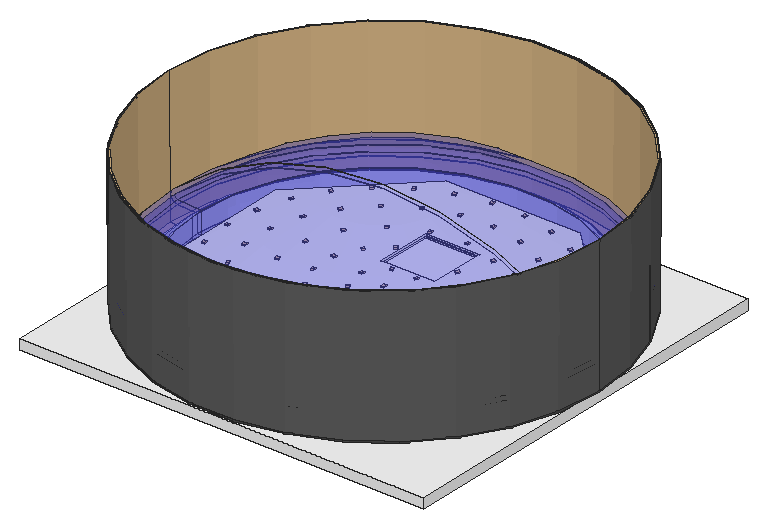
Revit family "BE_51014.4_de_DE", category Leuchten, Revit 2020
Family settings
  Basisbauteil = Fläche
  Bemaßung runder Anschluss = Durchmesser verwenden
  Teiletyp = Normal
  Beim Laden mit Abzugskörper schneiden = Ja
  Lichtquelle = Ja
  Gemeinsam genutzt = Nein
  Raumberechnungspunkt = Ja
Parameters (values of type "BEGA_51014.4_K3")
  built-in parameter 1150104 = 14.034 (stored number, unit not read)
  Wattage = 42.6 W
  Default Elevation = 0 mm
  built-in parameter 1150113 = 1 (stored number, unit not read)
  built-in parameter 1114218 = 1 (stored number, unit not read)
  Umgebungstemperatur = "25 °C"
  URL = "https://www.bega.com/de/produkt/51014.4"
  Typenkommentare = "© 2022 BEGA. Wir behalten uns das Recht vor, technische Änderungen ohne vorherige Ankündigung vorzunehmen."  # constant formula
  built-in parameter 1150134 = (empty or 0)
  built-in parameter 1150109 = 1 (stored number, unit not read)
  Strom = ""
  built-in parameter 1150110 = 1 (stored number, unit not read)
  Spannung = 239.996 V
  Sonderanfertigung = no
  Seriennummer [instance] = "Hier können Sie die eindeutige Seriennummer für das Facility Management eintragen."
  Schutzklasse = "I"
  Schutzart = "IP 20"
  Scheinlast = 0 VA
  Produktdatenblatt = "https://cdn.bega.com/bega/products/51014.4K3/current/documents/data-sheets/de"
  Oberflächentemperatur = ""
  Neigungswinkel = 0.00°
  Modell = "51014.4K3"
  Material_35 = BEGA_Oberfläche_Samtschwarz_matt
  Material_34 = BEGA_Oberfläche_Samtweiss_matt
  Material_31 = BEGA_Oberfläche_Messing_matt
  Material_15 = BEGA_Leuchtmedium_matt
  Material_14 = BEGA_Kunststoff_opal
  Material_03 = BEGA_Oberfläche_Weiss_matt
  M_W = no
  M_G = no
  M_A = no
  Logo = 0
  built-in parameter 1114217 = 1 (stored number, unit not read)
  built-in parameter 1150139 = (empty or 0)
  built-in parameter 1150105 = 512.09 (stored number, unit not read)
  built-in parameter 1150114 = 1 (stored number, unit not read)
  Lumens = 6435.16 lm
  built-in parameter 1150115 = 1 (stored number, unit not read)
  Leuchtenlichtstrom = "3494 lm"
  Leuchtenanzahl = ""
  Lebensdauerkriterien = "L70B50 @ 25 °C = 200000 h"
  Lastklassifizierung = Beleuchtung
  built-in parameter 1150112 = 1 (stored number, unit not read)
  Lampenlichtstrom = "6435 lm"
  Lampe = "LED 42.6 W"
  LED_Modulbezeichnung = "LED-0630/930"
  Hersteller = "BEGA"  # constant formula
  Halbstreuwinkel = ""
  Gewicht = "2.95 kg"
  Gebrauchslageneinschränkung [instance] = ""
  Frequenz = "0/50-60 Hz"
  Farbwiedergabeindex = "CRI > 90"
  Farbtemperaturverschiebung bei Dämpfen der Lampe = <Keine Auswahl>
  Farbtemperatur = "3000 K"
  Color Filter = 16777215
  built-in parameter 1150133 = 10 (stored number, unit not read)
  Energieeffizienzklasse = "LED A++ - A"
  built-in parameter 1150137 = (empty or 0)
  built-in parameter 1150132 = (empty or 0)
  ENEC = "ja"
  Dimmbar [instance] = "DALI"
  Datei für fotometrisches Netz = "BE_51014.4K3.IES"
  CE_Konformität = "ja"
  Bestellnummer = "51014.4K3"
  Beschreibung_Sonderanfertigung = "Hier können Sie Informationen zur Sonderanfertigung eintragen."
  Beschreibung = "Deckenleuchte"
  built-in parameter 1150106 = 5.1209 (stored number, unit not read)
  Befestigungsbohrung = "Ø 6 mm"
  Befestigungsabstand = "340 mm"
  Ballwurfsicher = ""
  BEGA_Intern_aus = yes
  BEGA_Intern_an = yes
  BEGA_Intern_Konstruktion = yes
  BEGA_Intern = yes
  BEGA_IES = yes
  BEGA_Dummy = no
  Anschlussleitung = ""
  Anschlussleistung [instance] = "47.4 W"
  Anschlusskasten = ""
  built-in parameter 1150107 = 3000 (stored number, unit not read)
  built-in parameter 1150102 = (empty or 0)
  built-in parameter 1150138 = (empty or 0)
  Aktualisierung = "2022-12-14T04:00:03"
  Abstand_zur_angestrahlten_Fläche [instance] = ""
  AC/DC = "AC/DC"
Reference planes
  plane 1 "Mitte (Vorne/Hinten)": y = 0
  plane 2: z = 0
  plane 3 "Mitte (Links/Rechts)": x = 0
  plane 4 "Links": x = -213.964
  plane 5 "Rechts": x = 213.964
  plane 6 "Unten": y = -213.964
  plane 7 "Oben": y = 213.964
  plane 8 "Vorne": z = 144.998
  plane 9 "Hinten": z = 0
Forms (mm)
  Extrusion 1, solid, material "BEGA_Platte_Weiss"
    sketch origin (0, -1119.2, 0) x (1, 0, 0) y (0, 1, 0)
      loop
        line (-200, 1319.2) -> (-200, 919.2) -> (200, 919.2) -> (200, 1319.2) -> (-200, 1319.2)
    from 0 to -10
  Extrusion 2, solid, material "BEGA_Dummy_matt", visible <- "BEGA_Dummy"
    sketch origin (77.149, -76.023, 0) x (1, 0, 0) y (0, 1, 0)
      loop
        circle (-77.149, 76.023) r 213.964
    from 0 to 144.998
Dimensions and locks
  plane 1 "Mitte (Vorne/Hinten)" to Extrusion 1 = 200 mm
  aligned and locked: plane 2 to Extrusion 1
  aligned and locked: level to Extrusion 1
Nested families
  nested 1: "BE_51014_Leuchte" at (0, 0, 0), type "BE_51014_Leuchte"
Connectors
  electrical at (0, 0, 0), driven by "Lastklassifizierung", driven by "Spannung", driven by "Scheinlast"
    settings: index 1, voltage 239.996 V, apparent load 0 VA, apparent load phase1 0 VA, apparent load phase2 0 VA, apparent load phase3 0 VA, power factor 1, load classification "Beleuchtung", number of poles 1, system type 31, power factor state 1, is connector primary yes, connector utility no, sub classification motor no, connector description ""
Definition of nested family "BE_51014_Leuchte"
  Parameters (values of type "BE_51014_Leuchte")
    Default Elevation = 1 mm
    URL = "http://www.bega.de/de/produkt"
    Type Comments = "© 2015 BEGA. Wir behalten uns das Recht vor, technische Änderungen ohne vorherige Ankündigung vorzunehmen. "  # constant formula
    Type Image = (empty or 0)
    Neigungswinkel_um_Z2 = 0.00°
    Neigungswinkel_um_Z1 = 0.00°
    Neigungswinkel_um_Y2 = 0.00°
    Neigungswinkel_um_Y1 = 0.00°
    Neigungswinkel_um_X2 = 0.00°
    Neigungswinkel_um_X1 = 0.00°
    Material_35 = none
    Material_34 = none
    Material_31 = none
    Material_15 = none
    Material_14 = none
    Material_03 = none
    M_W = yes
    M_G = yes
    M_A = yes
    Länge_Platte = 200 mm  # constant formula
    Höhe_Platte = -10 mm  # constant formula
    Manufacturer = "BEGA"  # constant formula
    Drehwinkel_um_Z2 = 0.00°
    Drehwinkel_um_Z1 = 0.00°
    Breite_Platte = 200 mm  # constant formula
  Reference planes
    plane 1 "Mitte (Oben/Unten)": y = 0
    plane 2: z = 0
    plane 3 "Mitte (Links/Rechts)": x = 0
    plane 4: x = 213.964
    plane 5: y = -213.964
    plane 6: x = -213.964
    plane 7: y = 213.964
    plane 8: z = 144.998
  Forms (mm)
    Extrusion 1, solid, detail levels medium
      sketch origin (0, 0, 0) x (1, 0, 0) y (0, 1, 0)
        loop
          line (-100, 100) -> (-100, -100) -> (100, -100) -> (100, 100) -> (-100, 100)
      from 0 to -10 <- "Höhe_Platte"
    Revolve 2, solid, material <- "Material_14"
      sketch origin (0, 0, 0) x (1, 0, 0) y (0, 0, 1)
        loop
          arc (0, 119) -> (-110.735, 99.23) -> (-207.786, 42.362) r 319.999
          arc (-207.786, 42.362) -> (-209.896, 34.783) -> (-203.629, 30.029) r 7
          line (-203.629, 30.029) -> (-184, 29) -> (-184, 10.5) -> (-180.1, 10.5) -> (-180.1, 32.801) -> (-203.42, 34.023)
          arc (-203.42, 34.023) -> (-206.095, 36.03) -> (-205.252, 39.266) r 3
          arc (-205.252, 39.266) -> (-109.389, 95.462) -> (0, 115) r 315.999
          line (0, 115) -> (0, 119)
        axis (0, 119) -> (0, 10.5)
      angle from 0 to 360
    Revolve 3, solid, material <- "Material_35"
      sketch origin (0, 0, 0) x (1, 0, 0) y (0, 0, 1)
        loop
          line (-213.111, 144.995) -> (-213.964, 144.995) -> (-213.498, 11.496)
          arc (-213.498, 11.496) -> (-212.909, 10.082) -> (-211.492, 9.5) r 1.998
          line (-211.492, 9.5) -> (-193.114, 9.5) -> (-193, 2.956)
          arc (-193, 2.956) -> (-192.1, 0.863) -> (-189.991, 0) r 3.009
          line (-189.991, 0) -> (-181, 0) -> (-181, 2.5) -> (-190.991, 2.5) -> (-191.133, 10.623) -> (-212.642, 10.623) -> (-213.111, 144.995)
        axis (0, 144.995) -> (0, 0)
      angle from 0 to 360
    Revolve 4, solid, material <- "Material_34"
      sketch origin (0, 0, 0) x (1, 0, 0) y (0, 0, 1)
        loop
          line (-190.633, 2.5) -> (0, 2.5) -> (0, 3.5) -> (-189.65, 3.5) -> (-190.038, 25.714) -> (-191.038, 25.714) -> (-190.633, 2.5)
        axis (0, 25.714) -> (0, 2.5)
      angle from 0 to 360
    Revolve 5, solid, material <- "Material_31"
      sketch origin (0, 0, 0) x (1, 0, 0) y (0, 0, 1)
        loop
          line (-213.158, 144.998) -> (-212.689, 10.647) -> (-191.228, 10.647) -> (-191.228, 11.496) -> (-211.887, 11.496) -> (-212.353, 144.998) -> (-213.158, 144.998)
        axis (0, 144.998) -> (0, 10.647)
      angle from 0 to 360
    Extrusion 6, solid, material <- "Material_34"
      sketch origin (0, 0, 0) x (1, 0, 0) y (0, 1, 0)
        loop
          circle (0, 170) r 8.061
        loop
          circle (0, -170) r 8.061
      from 0.3 to 2.5
    Extrusion 7, void
      sketch origin (0, 0, 0) x (1, 0, 0) y (0, 1, 0)
        loop
          circle (0, 170) r 3
        loop
          circle (0, -170) r 3
      from 0.3 to 3.5
    Extrusion 8, solid, material <- "Material_34"
      sketch origin (0, 0, 0) x (1, 0, 0) y (0, 1, 0)
        loop
          line (121.002, 25) -> (121.002, -25)
          arc (121.002, -25) -> (147.608, -53.899) -> (178.604, -29.767) r 28.998
          arc (178.604, -29.767) -> (181.067, 0) -> (178.604, 29.767) r 181.067
          arc (178.604, 29.767) -> (147.608, 53.899) -> (121.002, 25) r 28.998
      from 0 to 8.71
    Extrusion 9, void
      sketch origin (0, 0, 0) x (1, 0, 0) y (0, 1, 0)
        loop
          circle (163, 18) r 6
        loop
          circle (163, -18) r 6
      from 0 to 8.71
    Extrusion 10, solid, material <- "Material_03"
      sketch origin (0, 0, 0) x (1, 0, 0) y (0, 1, 0)
        loop
          line (-160, 66.274) -> (-160, -66.274) -> (-66.274, -160) -> (66.274, -160) -> (160, -66.274) -> (160, 66.274) -> (66.274, 160) -> (-66.274, 160) -> (-160, 66.274)
        loop
          line (26.5, 85) -> (-26.5, 85) -> (-26.5, 30) -> (26.5, 30) -> (26.5, 85)
        loop
          line (-26.5, -30) -> (-26.5, -85) -> (26.5, -85) -> (26.5, -30) -> (-26.5, -30)
      from 25.504 to 27.518
    Extrusion 11, solid, material <- "Material_03"
      sketch origin (0, -66, 82.888) x (0, 1, 0) y (0, 0, 1)
        loop
          line (226, -57.174) -> (224.515, -57.174) -> (224.515, -79.388) -> (226, -79.388) -> (226, -57.174)
        loop
          line (-90.828, -57.384) -> (-94, -57.384) -> (-94.001, -79.388) -> (-90.828, -79.388) -> (-90.828, -57.384)
      from -66.274 to 66.274
    Extrusion 12, solid, material <- "Material_03"
      sketch origin (0, 0, 0) x (1, 0, 0) y (0, 1, 0)
        loop
          line (-66.274, 160) -> (-160, 66.274) -> (-160, -66.274) -> (-66.274, -160) -> (66.274, -160) -> (160, -66.274) -> (160, 66.274) -> (66.274, 160) -> (-66.274, 160)
        loop
          line (-26.5, 85) -> (-26.5, 30) -> (26.5, 30) -> (26.5, 85) -> (-26.5, 85)
        loop
          line (-26.5, -30) -> (-26.5, -85) -> (26.5, -85) -> (26.5, -30) -> (-26.5, -30)
      from 27.518 to 29.07
    Extrusion 13, solid, material <- "Material_15"
      sketch origin (0, 0, 0) x (1, 0, 0) y (0, 1, 0)
        loop
          line (-49.788, 148.377) -> (-48.861, 145.524) -> (-46.008, 146.451) -> (-46.935, 149.304) -> (-49.788, 148.377)
        loop
          line (-17.85, 155.486) -> (-17.537, 152.502) -> (-14.553, 152.816) -> (-14.867, 155.799) -> (-17.85, 155.486)
        loop
          line (-25.365, 124.961) -> (-24.802, 122.014) -> (-21.856, 122.576) -> (-22.418, 125.523) -> (-25.365, 124.961)
        loop
          line (-55.644, 114.727) -> (-54.367, 112.012) -> (-51.652, 113.29) -> (-52.93, 116.004) -> (-55.644, 114.727)
        loop
          line (9.314, 124.16) -> (9.503, 127.154) -> (6.509, 127.343) -> (6.32, 124.349) -> (9.314, 124.16)
        loop
          line (-75.451, 133.685) -> (-76.951, 136.283) -> (-79.549, 134.783) -> (-78.049, 132.185) -> (-75.451, 133.685)
        loop
          line (-103.604, 117.306) -> (-105.834, 115.298) -> (-103.826, 113.069) -> (-101.597, 115.076) -> (-103.604, 117.306)
        loop
          line (-82.427, 97.284) -> (-80.515, 94.973) -> (-78.204, 96.885) -> (-80.116, 99.197) -> (-82.427, 97.284)
        loop
          line (-53.944, 73.923) -> (-55.752, 76.317) -> (-58.146, 74.509) -> (-56.338, 72.115) -> (-53.944, 73.923)
        loop
          line (-81.135, 48.473) -> (-78.585, 46.893) -> (-77.005, 49.444) -> (-79.556, 51.023) -> (-81.135, 48.473)
        loop
          line (-116.309, 44.437) -> (-115.205, 47.226) -> (-117.994, 48.331) -> (-119.099, 45.541) -> (-116.309, 44.437)
        loop
          line (-99.841, 74.393) -> (-102.268, 76.156) -> (-104.031, 73.729) -> (-101.604, 71.966) -> (-99.841, 74.393)
        loop
          line (-123.302, 91.439) -> (-125.729, 93.202) -> (-127.493, 90.775) -> (-125.066, 89.012) -> (-123.302, 91.439)
        loop
          line (-142.36, 65.025) -> (-143.58, 62.284) -> (-140.839, 61.064) -> (-139.619, 63.804) -> (-142.36, 65.025)
        loop
          line (-150.458, 30.447) -> (-149.834, 33.382) -> (-152.768, 34.005) -> (-153.392, 31.071) -> (-150.458, 30.447)
        loop
          line (-90.218, 15.339) -> (-89.666, 18.288) -> (-92.615, 18.839) -> (-93.167, 15.89) -> (-90.218, 15.339)
        loop
          line (-123.706, 14.116) -> (-123.33, 17.092) -> (-126.307, 17.468) -> (-126.683, 14.492) -> (-123.706, 14.116)
        loop
          line (-156.5, 1.5) -> (-156.5, -1.5) -> (-153.5, -1.5) -> (-153.5, 1.5) -> (-156.5, 1.5)
        loop
          line (-123.33, -17.092) -> (-123.706, -14.116) -> (-126.683, -14.492) -> (-126.307, -17.468) -> (-123.33, -17.092)
        loop
          line (-149.834, -33.382) -> (-150.458, -30.447) -> (-153.392, -31.071) -> (-152.768, -34.005) -> (-149.834, -33.382)
        loop
          line (-93.167, -15.89) -> (-92.615, -18.839) -> (-89.666, -18.288) -> (-90.218, -15.339) -> (-93.167, -15.89)
        loop
          line (-119.099, -45.541) -> (-117.994, -48.331) -> (-115.205, -47.226) -> (-116.309, -44.437) -> (-119.099, -45.541)
        loop
          line (-77.005, -49.444) -> (-78.585, -46.893) -> (-81.135, -48.473) -> (-79.556, -51.023) -> (-77.005, -49.444)
        loop
          line (-104.031, -73.729) -> (-102.268, -76.156) -> (-99.841, -74.393) -> (-101.604, -71.966) -> (-104.031, -73.729)
        loop
          line (-123.302, -91.439) -> (-125.066, -89.012) -> (-127.493, -90.775) -> (-125.729, -93.202) -> (-123.302, -91.439)
        loop
          line (-80.116, -99.197) -> (-78.204, -96.885) -> (-80.515, -94.973) -> (-82.427, -97.284) -> (-80.116, -99.197)
        loop
          line (-105.834, -115.298) -> (-103.604, -117.306) -> (-101.597, -115.076) -> (-103.826, -113.069) -> (-105.834, -115.298)
        loop
          line (-52.93, -116.004) -> (-51.652, -113.29) -> (-54.367, -112.012) -> (-55.644, -114.727) -> (-52.93, -116.004)
        loop
          line (-24.802, -122.014) -> (-25.365, -124.961) -> (-22.418, -125.523) -> (-21.856, -122.576) -> (-24.802, -122.014)
        loop
          line (-24.418, -91.303) -> (-23.597, -88.418) -> (-26.483, -87.597) -> (-27.304, -90.482) -> (-24.418, -91.303)
        loop
          line (6.949, -91.248) -> (7.226, -94.235) -> (10.213, -93.958) -> (9.936, -90.971) -> (6.949, -91.248)
        loop
          line (-76.951, -136.283) -> (-75.451, -133.685) -> (-78.049, -132.185) -> (-79.549, -134.783) -> (-76.951, -136.283)
        loop
          line (-49.788, -148.377) -> (-46.935, -149.304) -> (-46.008, -146.451) -> (-48.861, -145.524) -> (-49.788, -148.377)
        loop
          line (-14.867, -155.799) -> (-14.553, -152.816) -> (-17.537, -152.502) -> (-17.85, -155.486) -> (-14.867, -155.799)
        loop
          line (14.553, -152.816) -> (14.867, -155.799) -> (17.85, -155.486) -> (17.537, -152.502) -> (14.553, -152.816)
        loop
          line (46.008, -146.451) -> (46.935, -149.304) -> (49.788, -148.377) -> (48.861, -145.524) -> (46.008, -146.451)
        loop
          line (76.951, -136.283) -> (79.549, -134.783) -> (78.049, -132.185) -> (75.451, -133.685) -> (76.951, -136.283)
        loop
          line (69.584, -106.848) -> (67.977, -104.315) -> (65.444, -105.923) -> (67.051, -108.456) -> (69.584, -106.848)
        loop
          line (101.597, -115.076) -> (103.604, -117.306) -> (105.834, -115.298) -> (103.826, -113.069) -> (101.597, -115.076)
        loop
          line (89.73, -86.32) -> (91.917, -88.373) -> (93.97, -86.186) -> (91.783, -84.133) -> (89.73, -86.32)
        loop
          line (123.302, -91.439) -> (125.729, -93.202) -> (127.493, -90.775) -> (125.066, -89.012) -> (123.302, -91.439)
        loop
          line (43.465, -83.924) -> (42.128, -81.239) -> (39.442, -82.576) -> (40.78, -85.262) -> (43.465, -83.924)
        loop
          line (31.049, -50.779) -> (28.451, -52.279) -> (29.951, -54.877) -> (32.549, -53.377) -> (31.049, -50.779)
        loop
          line (66.609, -62.752) -> (68.826, -64.773) -> (70.847, -62.556) -> (68.63, -60.535) -> (66.609, -62.752)
        loop
          line (49.682, -37.95) -> (51.445, -35.523) -> (49.018, -33.76) -> (47.255, -36.187) -> (49.682, -37.95)
        loop
          line (85.863, -31.655) -> (84.779, -34.452) -> (87.577, -35.536) -> (88.66, -32.739) -> (85.863, -31.655)
        loop
          line (6.32, -124.349) -> (6.509, -127.343) -> (9.503, -127.154) -> (9.314, -124.16) -> (6.32, -124.349)
        loop
          line (37.046, -118.87) -> (37.973, -121.723) -> (40.826, -120.796) -> (39.899, -117.943) -> (37.046, -118.87)
        loop
          line (-58.146, -74.509) -> (-55.752, -76.317) -> (-53.944, -73.923) -> (-56.338, -72.115) -> (-58.146, -74.509)
        loop
          line (-31.049, -50.779) -> (-32.549, -53.377) -> (-29.951, -54.877) -> (-28.451, -52.279) -> (-31.049, -50.779)
        loop
          line (-1.5, -26) -> (-1.5, -29) -> (1.5, -29) -> (1.5, -26) -> (-1.5, -26)
        loop
          line (-47.255, -36.187) -> (-49.018, -33.76) -> (-51.445, -35.523) -> (-49.682, -37.95) -> (-47.255, -36.187)
        loop
          line (-57.888, -13.838) -> (-58.512, -10.904) -> (-61.446, -11.527) -> (-60.822, -14.462) -> (-57.888, -13.838)
        loop
          line (-23.608, -16.908) -> (-21.738, -19.254) -> (-19.392, -17.383) -> (-21.263, -15.038) -> (-23.608, -16.908)
        loop
          line (-28.607, 4.991) -> (-25.682, 4.323) -> (-25.014, 7.248) -> (-27.939, 7.915) -> (-28.607, 4.991)
        loop
          line (-1.5, 1.5) -> (-1.5, -1.5) -> (1.5, -1.5) -> (1.5, 1.5) -> (-1.5, 1.5)
        loop
          line (19.392, -17.383) -> (21.738, -19.254) -> (23.608, -16.908) -> (21.263, -15.038) -> (19.392, -17.383)
        loop
          line (25.014, 7.248) -> (25.682, 4.323) -> (28.607, 4.991) -> (27.939, 7.915) -> (25.014, 7.248)
        loop
          line (61.446, -11.527) -> (58.512, -10.904) -> (57.888, -13.838) -> (60.822, -14.462) -> (61.446, -11.527)
        loop
          line (58.512, 10.904) -> (61.446, 11.527) -> (60.822, 14.462) -> (57.888, 13.838) -> (58.512, 10.904)
        loop
          line (49.018, 33.76) -> (51.445, 35.523) -> (49.682, 37.95) -> (47.255, 36.187) -> (49.018, 33.76)
        loop
          line (84.779, 34.452) -> (85.863, 31.655) -> (88.66, 32.739) -> (87.577, 35.536) -> (84.779, 34.452)
        loop
          line (120.216, 32.415) -> (120.962, 29.509) -> (123.867, 30.255) -> (123.121, 33.161) -> (120.216, 32.415)
        loop
          line (149.834, 33.382) -> (150.458, 30.447) -> (153.392, 31.071) -> (152.768, 34.005) -> (149.834, 33.382)
        loop
          line (143.58, 62.284) -> (142.36, 65.025) -> (139.619, 63.804) -> (140.839, 61.064) -> (143.58, 62.284)
        loop
          line (108.378, 61.293) -> (109.823, 58.664) -> (112.452, 60.109) -> (111.006, 62.738) -> (108.378, 61.293)
        loop
          line (123.302, 91.439) -> (125.066, 89.012) -> (127.493, 90.775) -> (125.729, 93.202) -> (123.302, 91.439)
        loop
          line (89.73, 86.32) -> (91.783, 84.133) -> (93.97, 86.186) -> (91.917, 88.373) -> (89.73, 86.32)
        loop
          line (70.847, 62.556) -> (68.826, 64.773) -> (66.609, 62.752) -> (68.63, 60.535) -> (70.847, 62.556)
        loop
          line (32.549, 53.377) -> (29.951, 54.877) -> (28.451, 52.279) -> (31.049, 50.779) -> (32.549, 53.377)
        loop
          line (40.78, 85.262) -> (39.442, 82.576) -> (42.128, 81.239) -> (43.465, 83.924) -> (40.78, 85.262)
        loop
          line (7.226, 94.235) -> (6.949, 91.248) -> (9.936, 90.971) -> (10.213, 93.958) -> (7.226, 94.235)
        loop
          line (-27.304, 90.482) -> (-26.483, 87.597) -> (-23.597, 88.418) -> (-24.418, 91.303) -> (-27.304, 90.482)
        loop
          line (-47.255, 36.187) -> (-49.682, 37.95) -> (-51.445, 35.523) -> (-49.018, 33.76) -> (-47.255, 36.187)
        loop
          line (-28.451, 52.279) -> (-29.951, 54.877) -> (-32.549, 53.377) -> (-31.049, 50.779) -> (-28.451, 52.279)
        loop
          line (-61.446, 11.527) -> (-58.512, 10.904) -> (-57.888, 13.838) -> (-60.822, 14.462) -> (-61.446, 11.527)
        loop
          line (-9.93, 24.076) -> (-11.231, 26.779) -> (-13.934, 25.477) -> (-12.632, 22.774) -> (-9.93, 24.076)
        loop
          line (12.632, 22.774) -> (13.934, 25.477) -> (11.231, 26.779) -> (9.93, 24.076) -> (12.632, 22.774)
        loop
          line (152.768, -34.005) -> (153.392, -31.071) -> (150.458, -30.447) -> (149.834, -33.382) -> (152.768, -34.005)
        loop
          line (123.121, -33.161) -> (123.867, -30.255) -> (120.962, -29.509) -> (120.216, -32.415) -> (123.121, -33.161)
        loop
          line (91.5, 1.5) -> (91.5, -1.5) -> (94.5, -1.5) -> (94.5, 1.5) -> (91.5, 1.5)
        loop
          line (105.834, 115.298) -> (103.604, 117.306) -> (101.597, 115.076) -> (103.826, 113.069) -> (105.834, 115.298)
        loop
          line (65.444, 105.923) -> (67.977, 104.315) -> (69.584, 106.848) -> (67.051, 108.456) -> (65.444, 105.923)
        loop
          line (37.973, 121.723) -> (37.046, 118.87) -> (39.899, 117.943) -> (40.826, 120.796) -> (37.973, 121.723)
        loop
          line (75.451, 133.685) -> (78.049, 132.185) -> (79.549, 134.783) -> (76.951, 136.283) -> (75.451, 133.685)
        loop
          line (14.867, 155.799) -> (14.553, 152.816) -> (17.537, 152.502) -> (17.85, 155.486) -> (14.867, 155.799)
        loop
          line (46.935, 149.304) -> (46.008, 146.451) -> (48.861, 145.524) -> (49.788, 148.377) -> (46.935, 149.304)
        loop
          line (156.5, 1.5) -> (153.5, 1.5) -> (153.5, -1.5) -> (156.5, -1.5) -> (156.5, 1.5)
        loop
          line (123.706, 14.116) -> (126.683, 14.492) -> (126.307, 17.468) -> (123.33, 17.092) -> (123.706, 14.116)
        loop
          line (123.33, -17.092) -> (126.307, -17.468) -> (126.683, -14.492) -> (123.706, -14.116) -> (123.33, -17.092)
      from 29.07 to 29.912
  Cuts and joins
    Extrusion 7, Extrusion 9 cuts Revolve 4
    Extrusion 7, Extrusion 9 cuts Extrusion 6
    Extrusion 9 cuts Extrusion 8
    joined: Revolve 4, Extrusion 6, Extrusion 8
    Extrusion 7, Extrusion 9 cuts Revolve 2
    joined: Extrusion 10, Extrusion 11
  Dimensions and locks
    equal spacing: Extrusion 1 sketch curve, plane 3 "Mitte (Links/Rechts)", Extrusion 1 sketch curve
    equal spacing: Extrusion 1 sketch curve, plane 1 "Mitte (Oben/Unten)", Extrusion 1 sketch curve
    "Länge_Platte": Extrusion 1 sketch curve to Extrusion 1 sketch curve
    "Breite_Platte": Extrusion 1 sketch curve to Extrusion 1 sketch curve
    aligned and locked: plane 2 to Extrusion 1
    aligned and locked: level to Extrusion 1
  Automatic sketch dimensions
    Revolve 2 sketch curve to plane 3 "Mitte (Links/Rechts)" = 0 mm
    Revolve 2 sketch curve to plane 3 "Mitte (Links/Rechts)" = 0.001 mm
    plane 3 "Mitte (Links/Rechts)" to Revolve 2 sketch curve = 0 mm
    Revolve 2 sketch curve to level = 200.999 mm
    Revolve 2 sketch curve to Revolve 2 sketch curve = 0.001 mm
    level to Revolve 2 sketch curve = 39.266 mm
    Revolve 2 sketch curve to Revolve 2 sketch curve = 2.535 mm
    level to Revolve 2 sketch curve = 115 mm
    Revolve 2 sketch curve to Revolve 2 sketch curve = 3.096 mm
    Revolve 2 sketch curve to Revolve 2 sketch curve = 1.988 mm
    Revolve 2 sketch curve to Revolve 2 sketch curve = 2.246 mm
    Revolve 2 sketch curve to Revolve 2 sketch curve = 0.366 mm
    Revolve 2 sketch curve to Revolve 2 sketch curve = 0 mm  (x4)
    Revolve 2 sketch curve to Revolve 2 sketch curve = 0.157 mm
    level to Revolve 2 sketch curve = 10.5 mm
    Revolve 2 sketch curve to Revolve 2 sketch curve = 19.629 mm
    Revolve 2 sketch curve to Revolve 2 sketch curve = 3.9 mm
    level to Revolve 2 sketch curve = 30.029 mm
    level to Revolve 2 sketch curve = 34.023 mm
    level to Revolve 2 sketch curve = 29 mm
    level to Revolve 2 sketch curve = 32.801 mm
    Revolve 4 sketch curve to plane 3 "Mitte (Links/Rechts)" = 0 mm
    level to Revolve 4 sketch curve = 3.5 mm
    Revolve 4 sketch curve to Revolve 4 sketch curve = 189.65 mm
    level to Revolve 4 sketch curve = 2.5 mm
    Revolve 4 sketch curve to Revolve 4 sketch curve = 0.983 mm
    Revolve 4 sketch curve to Revolve 4 sketch curve = 0.388 mm
    level to Revolve 4 sketch curve = 25.714 mm
    Revolve 4 sketch curve to Revolve 4 sketch curve = 1 mm
    Revolve 3 sketch curve to level = 0 mm
    Revolve 3 sketch curve to plane 3 "Mitte (Links/Rechts)" = 0 mm
    Revolve 3 sketch curve to plane 3 "Mitte (Links/Rechts)" = 181 mm
    level to Revolve 3 sketch curve = 3.009 mm
    Revolve 3 sketch curve to Revolve 3 sketch curve = 8.991 mm
    Revolve 3 sketch curve to Revolve 3 sketch curve = 1 mm
    level to Revolve 3 sketch curve = 9.5 mm
    Revolve 3 sketch curve to Revolve 3 sketch curve = 3.123 mm
    Revolve 3 sketch curve to Revolve 3 sketch curve = 0.008 mm
    Revolve 3 sketch curve to Revolve 3 sketch curve = 1.142 mm
    Revolve 3 sketch curve to Revolve 3 sketch curve = 1.611 mm
    Revolve 3 sketch curve to Revolve 3 sketch curve = 0.856 mm
    Revolve 3 sketch curve to Revolve 3 sketch curve = 0.853 mm
    Revolve 3 sketch curve to Revolve 3 sketch curve = 2.5 mm
    Revolve 3 sketch curve to Revolve 3 sketch curve = 0.873 mm
    Revolve 3 sketch curve to Revolve 3 sketch curve = 133.499 mm
    Revolve 3 sketch curve to Revolve 3 sketch curve = 0 mm  (x3)
    level to Revolve 3 sketch curve = 10.623 mm
    Revolve 3 sketch curve to Revolve 3 sketch curve = 2.008 mm
    level to Revolve 3 sketch curve = 2.956 mm
    Revolve 3 sketch curve to Revolve 3 sketch curve = 1.981 mm
    Revolve 3 sketch curve to level = 413.745 mm
    Revolve 3 sketch curve to Revolve 3 sketch curve = 639.873 mm
    Revolve 3 sketch curve to Revolve 3 sketch curve = 20.358 mm
    Revolve 5 sketch curve to plane 3 "Mitte (Links/Rechts)" = 213.158 mm
    Revolve 5 sketch curve to Revolve 5 sketch curve = 0.804 mm
    level to Revolve 5 sketch curve = 10.647 mm
    Revolve 5 sketch curve to Revolve 5 sketch curve = 21.125 mm
    Revolve 5 sketch curve to Revolve 5 sketch curve = 134.35 mm
    Revolve 5 sketch curve to Revolve 5 sketch curve = 21.46 mm
    Revolve 5 sketch curve to Revolve 5 sketch curve = 0.801 mm
    Revolve 5 sketch curve to Revolve 5 sketch curve = 0.849 mm
    plane 1 "Mitte (Oben/Unten)" to Extrusion 8 sketch curve = 0 mm
    Extrusion 8 sketch curve to plane 3 "Mitte (Links/Rechts)" = 0 mm
    Extrusion 8 sketch curve to plane 1 "Mitte (Oben/Unten)" = 25 mm  (x2)
    plane 4 to Extrusion 8 sketch curve = 63.964 mm
    plane 1 "Mitte (Oben/Unten)" to Extrusion 8 sketch curve = 25 mm  (x2)
    Extrusion 8 sketch curve to Extrusion 8 sketch curve = 28.998 mm
    Extrusion 8 sketch curve to Extrusion 8 sketch curve = 0 mm  (x5)
    plane 1 "Mitte (Oben/Unten)" to Extrusion 8 sketch curve = 29.767 mm
    plane 6 to Extrusion 10 sketch curve = 53.964 mm
    Extrusion 10 sketch curve to plane 1 "Mitte (Oben/Unten)" = 66.274 mm  (x2)
    Extrusion 10 sketch curve to plane 3 "Mitte (Links/Rechts)" = 66.274 mm  (x2)
    plane 1 "Mitte (Oben/Unten)" to Extrusion 10 sketch curve = 66.274 mm  (x2)
    plane 7 to Extrusion 10 sketch curve = 53.964 mm
    plane 5 to Extrusion 10 sketch curve = 53.964 mm
    plane 3 "Mitte (Links/Rechts)" to Extrusion 10 sketch curve = 66.274 mm  (x2)
    plane 4 to Extrusion 10 sketch curve = 53.964 mm
    Extrusion 10 sketch curve to plane 3 "Mitte (Links/Rechts)" = 26.5 mm  (x2)
    Extrusion 10 sketch curve to Extrusion 10 sketch curve = 75 mm  (x2)
    plane 3 "Mitte (Links/Rechts)" to Extrusion 10 sketch curve = 26.5 mm  (x2)
    Extrusion 10 sketch curve to plane 1 "Mitte (Oben/Unten)" = 30 mm
    plane 1 "Mitte (Oben/Unten)" to Extrusion 10 sketch curve = 30 mm
    level to Extrusion 11 sketch curve = 3.5 mm  (x2)
    plane 5 to Extrusion 11 sketch curve = 53.964 mm
    level to Extrusion 11 sketch curve = 25.714 mm
    plane 7 to Extrusion 11 sketch curve = 55.449 mm
    Extrusion 11 sketch curve to Extrusion 11 sketch curve = 1.485 mm
    level to Extrusion 11 sketch curve = 25.504 mm
    Extrusion 11 sketch curve to Extrusion 11 sketch curve = 0 mm
    Extrusion 11 sketch curve to Extrusion 11 sketch curve = 3.173 mm
    plane 6 to Extrusion 12 sketch curve = 53.964 mm
    Extrusion 12 sketch curve to plane 1 "Mitte (Oben/Unten)" = 66.274 mm  (x2)
    Extrusion 12 sketch curve to plane 3 "Mitte (Links/Rechts)" = 66.274 mm  (x2)
    plane 1 "Mitte (Oben/Unten)" to Extrusion 12 sketch curve = 66.274 mm  (x2)
    plane 7 to Extrusion 12 sketch curve = 53.964 mm
    plane 5 to Extrusion 12 sketch curve = 53.964 mm
    plane 3 "Mitte (Links/Rechts)" to Extrusion 12 sketch curve = 66.274 mm  (x2)
    plane 4 to Extrusion 12 sketch curve = 53.964 mm
    Extrusion 12 sketch curve to plane 3 "Mitte (Links/Rechts)" = 26.5 mm  (x2)
    Extrusion 12 sketch curve to Extrusion 12 sketch curve = 75 mm
    plane 3 "Mitte (Links/Rechts)" to Extrusion 12 sketch curve = 26.5 mm  (x2)
    Extrusion 12 sketch curve to plane 1 "Mitte (Oben/Unten)" = 30 mm
    plane 1 "Mitte (Oben/Unten)" to Extrusion 12 sketch curve = 30 mm
    Extrusion 12 sketch curve to Extrusion 12 sketch curve = 55 mm
    Extrusion 13 sketch curve to plane 1 "Mitte (Oben/Unten)" = 1.5 mm  (x4)
    plane 6 to Extrusion 13 sketch curve = 57.464 mm
    Extrusion 13 sketch curve to Extrusion 13 sketch curve = 3 mm  (x4)
    Extrusion 13 sketch curve to Extrusion 13 sketch curve = 0.108 mm  (x2)
    Extrusion 13 sketch curve to Extrusion 13 sketch curve = 0.624 mm  (x16)
    Extrusion 13 sketch curve to plane 1 "Mitte (Oben/Unten)" = 30.447 mm  (x2)
    Extrusion 13 sketch curve to Extrusion 13 sketch curve = 2.934 mm  (x17)
    plane 1 "Mitte (Oben/Unten)" to Extrusion 13 sketch curve = 30.447 mm  (x2)
    Extrusion 13 sketch curve to Extrusion 13 sketch curve = 6.254 mm
    Extrusion 13 sketch curve to Extrusion 13 sketch curve = 1.22 mm  (x4)
    Extrusion 13 sketch curve to Extrusion 13 sketch curve = 2.741 mm  (x4)
    Extrusion 13 sketch curve to Extrusion 13 sketch curve = 12.126 mm
    Extrusion 13 sketch curve to Extrusion 13 sketch curve = 22.341 mm
    plane 1 "Mitte (Oben/Unten)" to Extrusion 13 sketch curve = 14.492 mm  (x2)
    Extrusion 13 sketch curve to Extrusion 13 sketch curve = 23.775 mm  (x2)
    Extrusion 13 sketch curve to plane 1 "Mitte (Oben/Unten)" = 14.492 mm  (x2)
    Extrusion 13 sketch curve to plane 1 "Mitte (Oben/Unten)" = 17.468 mm  (x2)
    Extrusion 13 sketch curve to Extrusion 13 sketch curve = 0.376 mm  (x4)
    plane 1 "Mitte (Oben/Unten)" to Extrusion 13 sketch curve = 17.468 mm  (x2)
    Extrusion 13 sketch curve to Extrusion 13 sketch curve = 1.763 mm  (x26)
    Extrusion 13 sketch curve to Extrusion 13 sketch curve = 2.427 mm  (x33)
    Extrusion 13 sketch curve to plane 1 "Mitte (Oben/Unten)" = 14.116 mm  (x2)
    Extrusion 13 sketch curve to Extrusion 13 sketch curve = 2.976 mm  (x8)
    plane 1 "Mitte (Oben/Unten)" to Extrusion 13 sketch curve = 14.116 mm  (x2)
    Extrusion 13 sketch curve to plane 1 "Mitte (Oben/Unten)" = 17.092 mm  (x2)
    plane 1 "Mitte (Oben/Unten)" to Extrusion 13 sketch curve = 17.092 mm  (x2)
    Extrusion 13 sketch curve to plane 1 "Mitte (Oben/Unten)" = 45.541 mm
    Extrusion 13 sketch curve to Extrusion 13 sketch curve = 21.741 mm
    plane 1 "Mitte (Oben/Unten)" to Extrusion 13 sketch curve = 45.541 mm
    Extrusion 13 sketch curve to Extrusion 13 sketch curve = 4.232 mm
    Extrusion 13 sketch curve to Extrusion 13 sketch curve = 1.104 mm  (x4)
    plane 1 "Mitte (Oben/Unten)" to Extrusion 13 sketch curve = 44.437 mm
    Extrusion 13 sketch curve to Extrusion 13 sketch curve = 2.789 mm  (x4)
    Extrusion 13 sketch curve to plane 1 "Mitte (Oben/Unten)" = 44.437 mm
    plane 1 "Mitte (Oben/Unten)" to Extrusion 13 sketch curve = 47.226 mm
    Extrusion 13 sketch curve to plane 1 "Mitte (Oben/Unten)" = 47.226 mm
    Extrusion 13 sketch curve to Extrusion 13 sketch curve = 17.469 mm  (x2)
    Extrusion 13 sketch curve to Extrusion 13 sketch curve = 21.034 mm  (x2)
    Extrusion 13 sketch curve to Extrusion 13 sketch curve = 2.007 mm  (x13)
    Extrusion 13 sketch curve to Extrusion 13 sketch curve = 2.229 mm  (x10)
    Extrusion 13 sketch curve to plane 1 "Mitte (Oben/Unten)" = 15.89 mm
    Extrusion 13 sketch curve to Extrusion 13 sketch curve = 30.164 mm  (x2)
    plane 1 "Mitte (Oben/Unten)" to Extrusion 13 sketch curve = 15.89 mm
    Extrusion 13 sketch curve to plane 1 "Mitte (Oben/Unten)" = 18.839 mm
    Extrusion 13 sketch curve to Extrusion 13 sketch curve = 0.551 mm  (x2)
    plane 1 "Mitte (Oben/Unten)" to Extrusion 13 sketch curve = 18.839 mm
    Extrusion 13 sketch curve to plane 1 "Mitte (Oben/Unten)" = 15.339 mm
    Extrusion 13 sketch curve to Extrusion 13 sketch curve = 2.949 mm  (x4)
    plane 1 "Mitte (Oben/Unten)" to Extrusion 13 sketch curve = 15.339 mm
    plane 1 "Mitte (Oben/Unten)" to Extrusion 13 sketch curve = 18.288 mm
    Extrusion 13 sketch curve to plane 1 "Mitte (Oben/Unten)" = 18.288 mm
    Extrusion 13 sketch curve to Extrusion 13 sketch curve = 19.169 mm  (x2)
    Extrusion 13 sketch curve to Extrusion 13 sketch curve = 20.469 mm  (x2)
    Extrusion 13 sketch curve to Extrusion 13 sketch curve = 1.912 mm  (x6)
    Extrusion 13 sketch curve to Extrusion 13 sketch curve = 2.312 mm  (x5)
    Extrusion 13 sketch curve to Extrusion 13 sketch curve = 1.579 mm  (x5)
    Extrusion 13 sketch curve to Extrusion 13 sketch curve = 22.048 mm  (x2)
    Extrusion 13 sketch curve to Extrusion 13 sketch curve = 2.551 mm  (x5)
    Extrusion 13 sketch curve to plane 1 "Mitte (Oben/Unten)" = 46.893 mm
    Extrusion 13 sketch curve to Extrusion 13 sketch curve = 1.5 mm  (x22)
    Extrusion 13 sketch curve to Extrusion 13 sketch curve = 2.598 mm  (x20)
    Extrusion 13 sketch curve to plane 1 "Mitte (Oben/Unten)" = 11.527 mm  (x2)
    Extrusion 13 sketch curve to Extrusion 13 sketch curve = 28.22 mm
    plane 1 "Mitte (Oben/Unten)" to Extrusion 13 sketch curve = 11.527 mm  (x2)
    Extrusion 13 sketch curve to Extrusion 13 sketch curve = 0 mm
    Extrusion 13 sketch curve to plane 1 "Mitte (Oben/Unten)" = 14.462 mm  (x2)
    plane 1 "Mitte (Oben/Unten)" to Extrusion 13 sketch curve = 14.462 mm  (x2)
    plane 1 "Mitte (Oben/Unten)" to Extrusion 13 sketch curve = 10.904 mm  (x2)
    Extrusion 13 sketch curve to plane 1 "Mitte (Oben/Unten)" = 10.904 mm  (x2)
    Extrusion 13 sketch curve to Extrusion 13 sketch curve = 20.058 mm  (x2)
    plane 1 "Mitte (Oben/Unten)" to Extrusion 13 sketch curve = 13.838 mm  (x2)
    Extrusion 13 sketch curve to plane 1 "Mitte (Oben/Unten)" = 13.838 mm  (x2)
    Extrusion 13 sketch curve to Extrusion 13 sketch curve = 1.808 mm  (x6)
    Extrusion 13 sketch curve to Extrusion 13 sketch curve = 2.394 mm  (x6)
    Extrusion 13 sketch curve to Extrusion 13 sketch curve = 19.807 mm  (x2)
    Extrusion 13 sketch curve to Extrusion 13 sketch curve = 1.277 mm  (x5)
    Extrusion 13 sketch curve to Extrusion 13 sketch curve = 2.714 mm  (x5)
    Extrusion 13 sketch curve to Extrusion 13 sketch curve = 6.443 mm  (x2)
    Extrusion 13 sketch curve to Extrusion 13 sketch curve = 25.663 mm  (x2)
    Extrusion 13 sketch curve to Extrusion 13 sketch curve = 0.927 mm  (x17)
    Extrusion 13 sketch curve to Extrusion 13 sketch curve = 2.853 mm  (x17)
    Extrusion 13 sketch curve to Extrusion 13 sketch curve = 14.706 mm  (x2)
    Extrusion 13 sketch curve to plane 1 "Mitte (Oben/Unten)" = 4.991 mm  (x2)
    Extrusion 13 sketch curve to plane 3 "Mitte (Links/Rechts)" = 28.607 mm
    Extrusion 13 sketch curve to plane 1 "Mitte (Oben/Unten)" = 7.915 mm  (x2)
    Extrusion 13 sketch curve to Extrusion 13 sketch curve = 0.668 mm  (x3)
    Extrusion 13 sketch curve to plane 3 "Mitte (Links/Rechts)" = 27.304 mm  (x2)
    Extrusion 13 sketch curve to Extrusion 13 sketch curve = 0.821 mm  (x6)
    Extrusion 13 sketch curve to plane 1 "Mitte (Oben/Unten)" = 4.323 mm  (x2)
    Extrusion 13 sketch curve to Extrusion 13 sketch curve = 2.925 mm  (x2)
    Extrusion 13 sketch curve to plane 3 "Mitte (Links/Rechts)" = 25.365 mm  (x2)
    Extrusion 13 sketch curve to plane 1 "Mitte (Oben/Unten)" = 7.248 mm  (x2)
    Extrusion 13 sketch curve to Extrusion 13 sketch curve = 0.562 mm  (x6)
    Extrusion 13 sketch curve to Extrusion 13 sketch curve = 2.885 mm  (x6)
    Extrusion 13 sketch curve to Extrusion 13 sketch curve = 2.074 mm
    Extrusion 13 sketch curve to Extrusion 13 sketch curve = 2.947 mm  (x6)
    Extrusion 13 sketch curve to Extrusion 13 sketch curve = 1.87 mm  (x5)
    Extrusion 13 sketch curve to Extrusion 13 sketch curve = 2.346 mm  (x3)
    Extrusion 13 sketch curve to plane 3 "Mitte (Links/Rechts)" = 17.85 mm  (x2)
    Extrusion 13 sketch curve to Extrusion 13 sketch curve = 0.314 mm  (x11)
    Extrusion 13 sketch curve to Extrusion 13 sketch curve = 2.984 mm  (x13)
    Extrusion 13 sketch curve to plane 3 "Mitte (Links/Rechts)" = 13.934 mm
    Extrusion 13 sketch curve to Extrusion 13 sketch curve = 1.302 mm  (x6)
    Extrusion 13 sketch curve to Extrusion 13 sketch curve = 2.703 mm  (x6)
    Extrusion 13 sketch curve to plane 3 "Mitte (Links/Rechts)" = 1.5 mm  (x2)
    plane 3 "Mitte (Links/Rechts)" to Extrusion 13 sketch curve = 1.5 mm  (x2)
    plane 3 "Mitte (Links/Rechts)" to Extrusion 13 sketch curve = 6.32 mm  (x2)
    Extrusion 13 sketch curve to Extrusion 13 sketch curve = 0.188 mm  (x6)
    plane 3 "Mitte (Links/Rechts)" to Extrusion 13 sketch curve = 6.949 mm  (x2)
    Extrusion 13 sketch curve to Extrusion 13 sketch curve = 0.277 mm  (x6)
    Extrusion 13 sketch curve to Extrusion 13 sketch curve = 2.994 mm  (x6)
    plane 3 "Mitte (Links/Rechts)" to Extrusion 13 sketch curve = 9.93 mm
    Extrusion 13 sketch curve to Extrusion 13 sketch curve = 2.987 mm  (x6)
    plane 3 "Mitte (Links/Rechts)" to Extrusion 13 sketch curve = 14.553 mm  (x2)
    plane 3 "Mitte (Links/Rechts)" to Extrusion 13 sketch curve = 19.392 mm
    Extrusion 13 sketch curve to Extrusion 13 sketch curve = 2.345 mm  (x3)
    Extrusion 13 sketch curve to Extrusion 13 sketch curve = 12.382 mm
    plane 3 "Mitte (Links/Rechts)" to Extrusion 13 sketch curve = 28.451 mm  (x2)
    Extrusion 13 sketch curve to Extrusion 13 sketch curve = 27.732 mm  (x2)
    Extrusion 13 sketch curve to Extrusion 13 sketch curve = 9.491 mm  (x2)
    Extrusion 13 sketch curve to Extrusion 13 sketch curve = 1.337 mm  (x4)
    Extrusion 13 sketch curve to Extrusion 13 sketch curve = 2.685 mm  (x4)
    Extrusion 13 sketch curve to Extrusion 13 sketch curve = 8.034 mm  (x2)
    Extrusion 13 sketch curve to Extrusion 13 sketch curve = 16.206 mm  (x2)
    Extrusion 13 sketch curve to Extrusion 13 sketch curve = 8.87 mm  (x2)
    Extrusion 13 sketch curve to Extrusion 13 sketch curve = 25.545 mm  (x2)
    Extrusion 13 sketch curve to Extrusion 13 sketch curve = 16.927 mm  (x2)
    Extrusion 13 sketch curve to Extrusion 13 sketch curve = 1.607 mm  (x6)
    Extrusion 13 sketch curve to Extrusion 13 sketch curve = 2.533 mm  (x6)
    Extrusion 13 sketch curve to Extrusion 13 sketch curve = 2.021 mm  (x5)
    Extrusion 13 sketch curve to Extrusion 13 sketch curve = 2.217 mm  (x6)
    Extrusion 13 sketch curve to Extrusion 13 sketch curve = 8.4 mm  (x2)
    plane 1 "Mitte (Oben/Unten)" to Extrusion 13 sketch curve = 34.452 mm
    Extrusion 13 sketch curve to Extrusion 13 sketch curve = 16.15 mm  (x2)
    Extrusion 13 sketch curve to plane 1 "Mitte (Oben/Unten)" = 34.452 mm
    Extrusion 13 sketch curve to plane 1 "Mitte (Oben/Unten)" = 31.655 mm
    Extrusion 13 sketch curve to Extrusion 13 sketch curve = 1.084 mm  (x2)
    plane 1 "Mitte (Oben/Unten)" to Extrusion 13 sketch curve = 31.655 mm
    plane 1 "Mitte (Oben/Unten)" to Extrusion 13 sketch curve = 35.536 mm
    Extrusion 13 sketch curve to Extrusion 13 sketch curve = 2.797 mm  (x3)
    Extrusion 13 sketch curve to plane 1 "Mitte (Oben/Unten)" = 35.536 mm
    Extrusion 13 sketch curve to plane 1 "Mitte (Oben/Unten)" = 32.739 mm
    plane 1 "Mitte (Oben/Unten)" to Extrusion 13 sketch curve = 32.739 mm
    Extrusion 13 sketch curve to Extrusion 13 sketch curve = 21.753 mm  (x2)
    plane 1 "Mitte (Oben/Unten)" to Extrusion 13 sketch curve = 1.5 mm  (x4)
    Extrusion 13 sketch curve to Extrusion 13 sketch curve = 5.637 mm
    Extrusion 13 sketch curve to Extrusion 13 sketch curve = 2.054 mm  (x6)
    Extrusion 13 sketch curve to Extrusion 13 sketch curve = 2.187 mm  (x6)
    Extrusion 13 sketch curve to Extrusion 13 sketch curve = 9.68 mm  (x2)
    Extrusion 13 sketch curve to Extrusion 13 sketch curve = 16.594 mm
    Extrusion 13 sketch curve to Extrusion 13 sketch curve = 1.445 mm  (x3)
    Extrusion 13 sketch curve to Extrusion 13 sketch curve = 2.629 mm  (x3)
    Extrusion 13 sketch curve to plane 1 "Mitte (Oben/Unten)" = 32.415 mm
    Extrusion 13 sketch curve to Extrusion 13 sketch curve = 10.393 mm
    plane 1 "Mitte (Oben/Unten)" to Extrusion 13 sketch curve = 32.415 mm
    Extrusion 13 sketch curve to Extrusion 13 sketch curve = 31.555 mm
    plane 1 "Mitte (Oben/Unten)" to Extrusion 13 sketch curve = 29.509 mm
    Extrusion 13 sketch curve to Extrusion 13 sketch curve = 0.746 mm  (x4)
    Extrusion 13 sketch curve to plane 1 "Mitte (Oben/Unten)" = 29.509 mm
    Extrusion 13 sketch curve to plane 1 "Mitte (Oben/Unten)" = 33.161 mm
    Extrusion 13 sketch curve to Extrusion 13 sketch curve = 2.906 mm  (x2)
    plane 1 "Mitte (Oben/Unten)" to Extrusion 13 sketch curve = 33.161 mm
    Extrusion 13 sketch curve to Extrusion 13 sketch curve = 19.476 mm  (x2)
    Extrusion 13 sketch curve to Extrusion 13 sketch curve = 2.369 mm  (x2)
    Extrusion 13 sketch curve to plane 1 "Mitte (Oben/Unten)" = 30.255 mm
    plane 1 "Mitte (Oben/Unten)" to Extrusion 13 sketch curve = 30.255 mm
    Extrusion 13 sketch curve to plane 1 "Mitte (Oben/Unten)" = 63.804 mm
    Extrusion 13 sketch curve to plane 1 "Mitte (Oben/Unten)" = 65.025 mm
    Extrusion 13 sketch curve to Extrusion 13 sketch curve = 25.966 mm  (x2)
    plane 1 "Mitte (Oben/Unten)" to Extrusion 13 sketch curve = 34.005 mm
    Extrusion 13 sketch curve to Extrusion 13 sketch curve = 3.042 mm
    Extrusion 13 sketch curve to Extrusion 13 sketch curve = 30.185 mm
    Extrusion 13 sketch curve to Extrusion 13 sketch curve = 0.971 mm
    Extrusion 13 sketch curve to Extrusion 13 sketch curve = 36.941 mm  (x2)
    Extrusion 13 sketch curve to Extrusion 13 sketch curve = 26.082 mm
    Extrusion 13 sketch curve to Extrusion 13 sketch curve = 24.74 mm  (x2)
    Extrusion 13 sketch curve to Extrusion 13 sketch curve = 18.738 mm  (x2)
    Extrusion 13 sketch curve to Extrusion 13 sketch curve = 26.362 mm  (x2)
    Extrusion 13 sketch curve to Extrusion 13 sketch curve = 19.36 mm
    Extrusion 13 sketch curve to Extrusion 13 sketch curve = 13.674 mm  (x2)
    Extrusion 13 sketch curve to Extrusion 13 sketch curve = 2.825 mm
    Extrusion 13 sketch curve to Extrusion 13 sketch curve = 15.282 mm  (x2)
    Extrusion 13 sketch curve to Extrusion 13 sketch curve = 8.395 mm  (x2)
    Extrusion 13 sketch curve to Extrusion 13 sketch curve = 20.58 mm  (x2)
    Extrusion 13 sketch curve to Extrusion 13 sketch curve = 17.996 mm  (x2)
    Extrusion 13 sketch curve to Extrusion 13 sketch curve = 15.127 mm  (x2)
    Extrusion 13 sketch curve to Extrusion 13 sketch curve = 24.696 mm  (x2)
    Extrusion 13 sketch curve to Extrusion 13 sketch curve = 15.785 mm  (x2)
    Extrusion 13 sketch curve to Extrusion 13 sketch curve = 12.02 mm  (x2)
    Extrusion 13 sketch curve to Extrusion 13 sketch curve = 8.724 mm  (x2)
    Extrusion 13 sketch curve to Extrusion 13 sketch curve = 5.29 mm  (x2)
    Extrusion 13 sketch curve to Extrusion 13 sketch curve = 17.458 mm  (x2)
    Extrusion 13 sketch curve to Extrusion 13 sketch curve = 23.729 mm  (x2)
    Extrusion 13 sketch curve to Extrusion 13 sketch curve = 11.839 mm  (x2)
    Extrusion 13 sketch curve to Extrusion 13 sketch curve = 24.727 mm  (x2)
    Extrusion 13 sketch curve to Extrusion 13 sketch curve = 25.348 mm  (x2)
    Extrusion 13 sketch curve to Extrusion 13 sketch curve = 26.98 mm  (x2)
    Extrusion 13 sketch curve to Extrusion 13 sketch curve = 12.828 mm  (x2)
    Extrusion 13 sketch curve to Extrusion 13 sketch curve = 3.558 mm
    plane 1 "Mitte (Oben/Unten)" to Extrusion 13 sketch curve = 29 mm
    plane 1 "Mitte (Oben/Unten)" to Extrusion 13 sketch curve = 19.254 mm  (x2)
    Extrusion 13 sketch curve to Extrusion 13 sketch curve = 15.526 mm  (x2)
    Extrusion 13 sketch curve to Extrusion 13 sketch curve = 19.922 mm  (x2)
    Extrusion 13 sketch curve to Extrusion 13 sketch curve = 14.592 mm  (x2)
    Extrusion 13 sketch curve to Extrusion 13 sketch curve = 26.249 mm
    Extrusion 13 sketch curve to Extrusion 13 sketch curve = 22.585 mm
    Extrusion 13 sketch curve to Extrusion 13 sketch curve = 12.733 mm
    Extrusion 13 sketch curve to Extrusion 13 sketch curve = 22.84 mm
    Extrusion 13 sketch curve to Extrusion 13 sketch curve = 25.207 mm
    Extrusion 13 sketch curve to Extrusion 13 sketch curve = 27.167 mm
